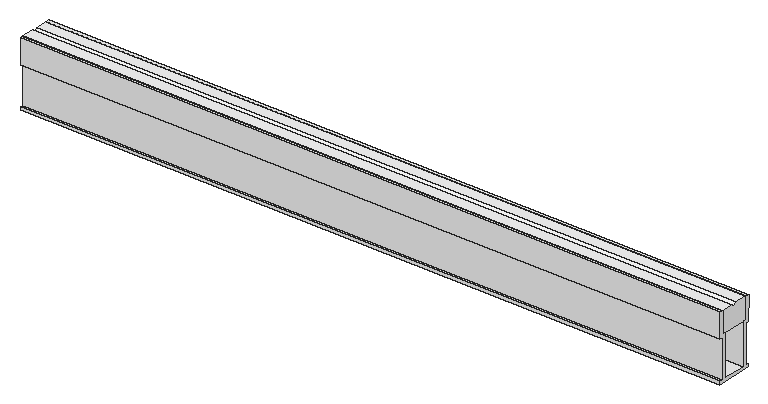
Revit family "4070749+4070745 Feilo Sylvania Lighting Fixture CURSUS 591MM 435LM OVAL LED 4K with FRAMED ROUGH IN HOUSING", category Lighting Fixtures, host Face, Revit 2017
Family settings
  Host = Face
  Round Connector Dimension = Use Diameter
  Part Type = Normal
  OmniClass Number = 23.80.70.14
  OmniClass Title = Luminaries for External Lighting
  Cut with Voids When Loaded = Yes
  Light Source = Yes
  Shared = No
  Room Calculation Point = No
Parameters (values of type "4070749 CURSUS 591MM 435LM OVAL LED 4K")
  Width = 30 mm
  Weight = "1.2 kg"
  Wattage Comments = "n/a"
  Wattage = 9 W
  WarrantyStartDate [instance] = "n/a"
  WarrantyGuarantorParts = "n/a"
  WarrantyDurationUnit = "n/a"
  WarrantyDurationParts = "n/a"
  WarrantyDescription = "n/a"
  built-in parameter 1150110 = 1 (stored number, unit not read)
  Voltage = 24 V
  URL = "http://www.sylvania-lighting.com"
  TypeName = "CURSUS 591MM 435LM OVAL LED 4K"
  Type Image = <None>
  Type Comments = "n/a"
  built-in parameter 1114217 = 1 (stored number, unit not read)
  Tilt Angle = -90.00°
  built-in parameter 1150109 = 1 (stored number, unit not read)
  built-in parameter 1150134 = 12
  built-in parameter 1150113 = 1 (stored number, unit not read)
  SerialNumber [instance] = "n/a"
  Material_3_FEILO = none
  PowerFactor = 0
  PowerConsumption = "9 W"
  Photometric Web File = "4070749.ies"
  NominalLength = 591 mm
  NominalHeight = 50 mm
  NominalDepth = Width  # 30 mm
  Name = "CURSUS 591MM 435LM OVAL LED 4K"
  ModelReference = Name  # "CURSUS 591MM 435LM OVAL LED 4K"
  ModelNumber = "4070749"
  Model = Name  # "CURSUS 591MM 435LM OVAL LED 4K"
  Material = "natural anodised extruded aluminium structure housing, optical system with pmma lenses diffuser"
  ManufacturerName = "Feilo Sylvania"
  Manufacturer = "Feilo Sylvania"
  LuminousEfficacy = "48.33 lm/W"
  built-in parameter 1150105 = 595.73 (stored number, unit not read)
  Lumens = 435 lm
  LuminaireType = ""
  built-in parameter 1150115 = 1 (stored number, unit not read)
  LightOutputRatio = "100"
  built-in parameter 1150137 = (empty or 0)
  built-in parameter 1150139 = (empty or 0)
  LengthVoidExtrusionRight [instance] = if(EndCapRight, Length / 2, Length / 2 - 2.5 mm)  # 296 mm
  LengthVoidExtrusionLeft [instance] = if(EndCapLeft, Length / 2, Length / 2 - 2.5 mm)  # 296 mm
  Length = 597 mm
  LampsType = Lamp  # "LED"
  LampNominalLuminous = "435 lm"
  LampMacAdamStep = "n/a"
  LampColourTemperature = "4000 K"
  LampColourRenderingIndex = "80"
  built-in parameter 1150112 = 1 (stored number, unit not read)
  built-in parameter 1150114 = 1 (stored number, unit not read)
  Lamp = "LED"
  Keynote = "16500"
  InstallationDate [instance] = "n/a"
  InputVoltage = "24V DC"
  InputNominalFrequency = "n/a"
  built-in parameter 1150132 = (empty or 0)
  built-in parameter 1150102 = (empty or 0)
  built-in parameter 1150107 = 4000 (stored number, unit not read)
  built-in parameter 1150138 = (empty or 0)
  IngressProtection = "IP67"
  ImpactProtectionIndex = "IK07"
  built-in parameter 1150106 = 5.9573 (stored number, unit not read)
  IfcExportType = "IfcLightFixtureType"
  IfcExportAs = "IfcLightFixtureType"
  ExpectedLife = 50000
  EndCapRight [instance] = no
  EndCapLeft [instance] = no
  Emit from Rectangle Width = Width - 6 mm  # 24 mm
  Emit from Rectangle Length = Length - 6 mm  # 591 mm
  Emit Shape Visible in Rendering = no
  ElectricShockClassification = "Class III"
  built-in parameter 1150104 = 4.4903 (stored number, unit not read)
  DurationUnit = "hours"
  DocumentationLiterature = "http://www.sylvania-lighting.com/product/en-int/products/4070749"
  DimmingControlOptions = "n/a"
  Dimming Lamp Color Temperature Shift = <None>
  Material_2_FEILO = Diffuser-Sylvania-Glow
  Description = "LED Exterior Lighting Recessed Surface Mounted Linear Fixture, Natural anodised extruded aluminium structure. Die-cast aluminium end caps. Installation kit with harmonic steel springs., 435 lm, 9W, 48lm/W, 4000K, CRI80+,non dimmable,IP67, IK07, (HxWxD) 591x50x30mm, 3 step Mac Adam Ellipse, 1.2kg,, Classe III, 21-25V-DC, energy class : A++, A+, A"
  Default Elevation = 1219.2 mm
  CreatedOn = "1/8/2018"
  CreatedBy = ""
  Cost = 0
  Color Filter = 16777215
  built-in parameter 1114216 [instance] = (empty or 0)
  ClassificationValue = "EF_70_80"
  ClassificationName = "Uniclass2015"
  Material_1_FEILO = Body-Sylvania-Gray
  BarCode [instance] = "n/a"
  built-in parameter 1114218 = 1 (stored number, unit not read)
  built-in parameter 1150133 = 10 (stored number, unit not read)
  AssetType = "Fixed"
  AssetIdentifier [instance] = "n/a"
  Assembly Code = "D5020200"
  Apparent Load = 9 VA
  Material_4_FEILO = Diffuser-Sylvania-Glow
Reference planes
  plane 1 "Center (Front/Back)": y = 0
  plane 2: z = 0
  plane 3 "Center (Left/Right)": x = 0
  plane 4: y = 15
  plane 5: y = -15
  plane 6: x = 298.5
  plane 7: x = -298.5
  plane 8: x = -296
  plane 9: y = 12.5
  plane 10: y = -12.5
  plane 11: x = 296
  plane 12: z = -55
  plane 13: z = -52.5
  plane 14: z = -2
  plane 15: y = -10
  plane 16: z = -18
  plane 17: z = -20.5
  plane 18: y = 10
Forms (mm)
  Extrusion 1, solid, material "Body-Sylvania-Gray" <- "Material_1_FEILO"
    sketch origin (0, 0, -32.5) x (0, 1, 0) y (0, 0, 1)
      loop
        line (15, -22.5) -> (15, -20) -> (12.5, -20) -> (12.5, 12) -> (15, 12) -> (15, 32.5) -> (12.5, 32.5) -> (12.5, 14.5) -> (10, 14.5) -> (10, -20) -> (-10, -20) -> (-10, 14.5) -> (-12.5, 14.5) -> (-12.5, 32.5) -> (-15, 32.5) -> (-15, 12) -> (-12.5, 12) -> (-12.5, -20) -> (-15, -20) -> (-15, -22.5) -> (15, -22.5)
    from -296 to 296
  Extrusion 2, solid, material "Body-Sylvania-Gray" <- "Material_1_FEILO", visible <- "EndCapRight"
    sketch origin (298.5, 1524, 1219.2) x (0, 1, 0) y (0, 0, 1)
      loop
        line (-1539, -1274.2) -> (-1509, -1274.2) -> (-1509, -1219.2) -> (-1539, -1219.2) -> (-1539, -1274.2)
    from 0 to -2.5
  Extrusion 3, solid, material "Body-Sylvania-Gray" <- "Material_1_FEILO", visible <- "EndCapLeft"
    sketch origin (-298.5, 1524, 1219.2) x (0, 1, 0) y (0, 0, 1)
      loop
        line (-1539, -1274.2) -> (-1509, -1274.2) -> (-1509, -1219.2) -> (-1539, -1219.2) -> (-1539, -1274.2)
    from 0 to 2.5
  Extrusion 4, solid, material "Diffuser-Sylvania-Glow" <- "Material_2_FEILO"
    sketch origin (0, 0, 0) x (0, 1, 0) y (0, 0, 1)
      loop
        line (-12.5, 0) -> (-12.5, -18) -> (12.5, -18) -> (12.5, 0) -> (2, 0) -> (0, -2) -> (-2, 0) -> (-12.5, 0)
    from -296 to 296
  Extrusion 5, void
    sketch origin (0, 0, 0) x (1, 0, 0) y (0, 1, 0)
      loop
        line (-296, 15) -> (-296, -15) -> (296, -15) -> (296, 15) -> (-296, 15)
    from 0 to -55
Dimensions and locks
  equal spacing: plane 5, plane 1 "Center (Front/Back)", plane 4
  equal spacing: plane 7, plane 3 "Center (Left/Right)", plane 6
  "Length": plane 7 to plane 6
  equal spacing: plane 8, plane 3 "Center (Left/Right)", plane 11
  equal spacing: plane 10, plane 1 "Center (Front/Back)", plane 9
  locked: plane 5 to plane 10 at 2.5
  "Width": plane 5 to plane 4
  locked: plane 2 to plane 12 at 55
  locked: plane 12 to plane 13 at 2.5
  "LengthVoidExtrusionLeft": Extrusion 5 sketch curve to plane 3 "Center (Left/Right)"
  "LengthVoidExtrusionRight": plane 3 "Center (Left/Right)" to Extrusion 5 sketch curve
  plane 2 to plane 14 = 2 mm
  locked: plane 7 to plane 8 at 2.5
  locked: plane 2 to plane 16 at 18
  locked: plane 17 to plane 16 at 2.5
  equal spacing: plane 15, plane 1 "Center (Front/Back)", plane 18
  locked: plane 10 to plane 15 at 2.5
  locked: plane 14 to Extrusion 4 sketch curve (angle 45.00°)
  locked: Extrusion 4 sketch curve to plane 14 (angle 45.00°)
  aligned and locked: plane 2 to host face
  aligned and locked: level to host face
  aligned and locked: plane 4 to Extrusion 1 sketch curve
  aligned and locked: Extrusion 1 sketch curve to plane 5
  aligned and locked: plane 10 to Extrusion 1 sketch curve  (x2)
  aligned and locked: Extrusion 1 sketch curve to plane 9  (x2)
  aligned and locked: plane 8 to Extrusion 3
  aligned and locked: Extrusion 3 to plane 7
  aligned and locked: Extrusion 4 to plane 8
  aligned and locked: plane 11 to Extrusion 4
  aligned and locked: imposter light to plane 1 "Center (Front/Back)"
  aligned and locked: plane 3 "Center (Left/Right)" to imposter light
  aligned and locked: plane 12 to Extrusion 1
  aligned and locked: Extrusion 1 to plane 13
  aligned and locked: level to Extrusion 1  (x2)
  aligned and locked: plane 2 to imposter light
  aligned and locked: plane 11 to Extrusion 1
  aligned and locked: Extrusion 1 to plane 8
  aligned and locked: plane 12 to Extrusion 3 sketch curve
  aligned and locked: plane 5 to Extrusion 3 sketch curve
  aligned and locked: Extrusion 3 sketch curve to plane 4
  aligned and locked: Extrusion 2 sketch curve to plane 4
  aligned and locked: plane 5 to Extrusion 2 sketch curve
  aligned and locked: plane 12 to Extrusion 2 sketch curve
  aligned and locked: plane 9 to Extrusion 4 sketch curve
  aligned and locked: Extrusion 4 sketch curve to plane 10
  aligned and locked: Extrusion 5 sketch curve to plane 4
  aligned and locked: plane 5 to Extrusion 5 sketch curve
  aligned and locked: Extrusion 5 to Extrusion 1
  aligned and locked: level to Extrusion 5
  aligned and locked: plane 14 to Extrusion 4 sketch curve
  aligned and locked: Extrusion 4 sketch curve to plane 16
  aligned and locked: Extrusion 1 sketch curve to Extrusion 1 sketch curve  (x3)
  aligned and locked: Extrusion 1 sketch curve to Extrusion 4
  aligned and locked: plane 15 to Extrusion 1 sketch curve
  aligned and locked: plane 17 to Extrusion 1 sketch curve
  aligned and locked: plane 5 to Extrusion 1 sketch curve
  aligned and locked: Extrusion 1 sketch curve to plane 16
  aligned and locked: plane 18 to Extrusion 1 sketch curve
  aligned and locked: Extrusion 1 sketch curve to plane 17
  aligned and locked: Extrusion 1 sketch curve to Extrusion 2
Automatic sketch dimensions
  host sketch curve to host sketch curve = 2438.4 mm  (x2)
  Extrusion 3 sketch curve to level = 0 mm
  Extrusion 2 sketch curve to level = 0 mm
  Extrusion 4 sketch curve to level = 0 mm  (x2)
  Extrusion 4 sketch curve to plane 1 "Center (Front/Back)" = 0 mm
  plane 12 to Extrusion 1 sketch curve = 0 mm
  plane 13 to Extrusion 1 sketch curve = 0 mm
  Extrusion 1 sketch curve to level = 0 mm  (x2)
Connectors
  electrical at (0, 0, 0), driven by "Apparent Load", driven by "PowerFactor", driven by "Voltage"
    settings: index 1, voltage 24 V, apparent load 9 VA, apparent load phase1 0 VA, apparent load phase2 0 VA, apparent load phase3 0 VA, power factor 0, load classification "Lighting", number of poles 1, system type 30, power factor state 1, is connector primary yes, connector utility no, sub classification motor no, connector description ""
